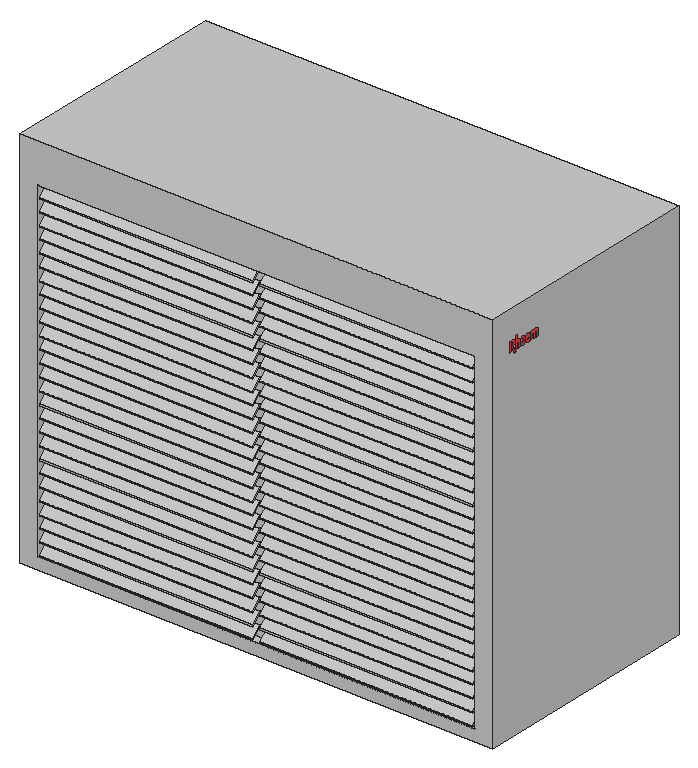
Revit family "DC_Rheem_PLM_HeatPump_953022_Vertical_12", category Plumbing Fixtures, Revit 2011
Parameters (values of type "Commercial Heat Pump - Non Ducted")
  Unitheight_ANZRS = 935 mm
  UnitWidth_ANZRS = 565 mm
  UnitDepth_ANZRS [instance] = 1150 mm
  URL = "http://www.rheem.com.au/commercial_product.asp?ProdID=96&cat_id=2\r\n"
  Type Comments = "Output 16 KW @ 20oC/60% RH Recovery 300 L/h  @ 45°C  rise\r\n"
  Materials_ANZRS = Rheem - Joey Grey Steel
  OutletPipeDiameter_ANZRS = OutPipeRadius_ANZRS * 2  # 32 mm
  OutPipeRadius_ANZRS = 16 mm
  Model = "953022"
  Manufacturer = "Rheem\r\n"
  InletPipeDiameter_ANZRS = InPipeRadius_ANZRS * 2  # 32 mm
  InPipeRadius_ANZRS = 16 mm
  DesignBy_ANZRS = "Design Content ©\r\n"
  Description = "Commercial Heat Pump - Non Ducted"
  CondensateDrainPipeDiameter_ANZRS = CDPipeRadius_ANZRS * 2  # 20 mm
  CDPipeRadius_ANZRS = 10 mm
  Author_ANZRS = "DM"
  Assembly Code = ""
Reference planes
  plane 1 "Center (Front/Back)": y = 0
  plane 2: z = 0
  plane 3 "Center (Left/Right)": x = 0
  plane 4 "W1": y = 282.5
  plane 5 "W2": y = -282.5
  plane 6 "W4": x = -575
  plane 7 "W3": x = 575
  plane 8 "CENTER 1": x = -320
  plane 9 "CENTER 2": x = 180
  plane 10: z = 25
  plane 11 "HEIGHT": z = 960
  plane 12 "W11": y = 212.65
  plane 13 "W13": y = 147.65
  plane 14 "W15": y = -212.65
  plane 15 "W14": y = -147.65
  plane 16 "CD1": z = 225
  plane 17 "CD2": z = 555
  plane 18 "CENTER 3": y = -167.65
  plane 19 "w5": x = -545
  plane 20 "W7": x = 545
  plane 21 "H1": z = 53.419
  plane 22 "CENTER 5": y = 180.15
  plane 23 "CENTER 4": y = -180.15
  plane 24: y = -260.438
  plane 25 "W6": x = -527.091
  plane 26 "W9": x = 527.091
  plane 27 "W8": x = 532.091
  plane 28: x = -625
  plane 29: y = 174.5
Forms (mm)
  Extrusion 1, solid, material "Rheem - Joey Grey Steel" <- "Materials_ANZRS"
    sketch origin (0, 0, 0) x (1, 0, 0) y (0, 1, 0)
      loop
        line (-575, 282.5) -> (-575, -260.438) -> (575, -260.438) -> (575, 282.5) -> (-575, 282.5)
    from 25 to 960
  Extrusion 2, solid, material "Rheem - Joey Grey Steel" <- "Materials_ANZRS"
    sketch origin (0, 0, 0) x (0, 1, 0) y (0, 0, 1)
      loop
        circle (-167.65, 555) r 16
      loop
        circle (-167.65, 225) r 16
    from -575 to -625
  Extrusion 3, solid, material "Rheem - Joey Grey Steel" <- "Materials_ANZRS"
    sketch origin (0, 0, 0) x (0, 1, 0) y (0, 0, 1)
      loop
        line (212.65, 0) -> (212.65, 25) -> (147.65, 25) -> (147.65, 0) -> (212.65, 0)
      loop
        line (-147.65, 0) -> (-147.65, 25) -> (-212.65, 25) -> (-212.65, 0) -> (-147.65, 0)
    from -545 to 545
  Extrusion 4, solid, material "Rheem - Joey Grey Steel" <- "Materials_ANZRS"
    sketch origin (0, 0, 0) x (0, 1, 0) y (0, 0, 1)
      loop
        circle (180.15, 53.419) r 10
      loop
        circle (-180.15, 53.419) r 10
    from -575 to -625
  Extrusion 5, solid, material "Rheem - Joey Grey Steel" <- "Materials_ANZRS"
    sketch origin (0, 0, 0) x (0, 1, 0) y (0, 0, 1)
      loop
        line (-260.438, 860.039) -> (-282.5, 837.978) -> (-282.5, 835.579) -> (-260.438, 857.64) -> (-260.438, 860.039)
      loop
        line (-260.438, 830.039) -> (-282.5, 807.978) -> (-282.5, 805.579) -> (-260.438, 827.64) -> (-260.438, 830.039)
      loop
        line (-260.438, 800.039) -> (-282.5, 777.978) -> (-282.5, 775.579) -> (-260.438, 797.64) -> (-260.438, 800.039)
      loop
        line (-260.438, 770.039) -> (-282.5, 747.978) -> (-282.5, 745.579) -> (-260.438, 767.64) -> (-260.438, 770.039)
      loop
        line (-260.438, 740.039) -> (-282.5, 717.978) -> (-282.5, 715.579) -> (-260.438, 737.64) -> (-260.438, 740.039)
      loop
        line (-260.438, 710.039) -> (-282.5, 687.978) -> (-282.5, 685.579) -> (-260.438, 707.64) -> (-260.438, 710.039)
      loop
        line (-260.438, 680.039) -> (-282.5, 657.978) -> (-282.5, 655.579) -> (-260.438, 677.64) -> (-260.438, 680.039)
      loop
        line (-260.438, 650.039) -> (-282.5, 627.978) -> (-282.5, 625.579) -> (-260.438, 647.64) -> (-260.438, 650.039)
      loop
        line (-260.438, 620.039) -> (-282.5, 597.978) -> (-282.5, 595.579) -> (-260.438, 617.64) -> (-260.438, 620.039)
      loop
        line (-260.438, 590.039) -> (-282.5, 567.978) -> (-282.5, 565.579) -> (-260.438, 587.64) -> (-260.438, 590.039)
      loop
        line (-260.438, 560.039) -> (-282.5, 537.978) -> (-282.5, 535.579) -> (-260.438, 557.64) -> (-260.438, 560.039)
      loop
        line (-260.438, 530.039) -> (-282.5, 507.978) -> (-282.5, 505.579) -> (-260.438, 527.64) -> (-260.438, 530.039)
      loop
        line (-260.438, 500.039) -> (-282.5, 477.978) -> (-282.5, 475.579) -> (-260.438, 497.64) -> (-260.438, 500.039)
      loop
        line (-260.438, 470.039) -> (-282.5, 447.978) -> (-282.5, 445.579) -> (-260.438, 467.64) -> (-260.438, 470.039)
      loop
        line (-260.438, 440.039) -> (-282.5, 417.978) -> (-282.5, 415.579) -> (-260.438, 437.64) -> (-260.438, 440.039)
      loop
        line (-260.438, 410.039) -> (-282.5, 387.978) -> (-282.5, 385.579) -> (-260.438, 407.64) -> (-260.438, 410.039)
      loop
        line (-260.438, 380.039) -> (-282.5, 357.978) -> (-282.5, 355.579) -> (-260.438, 377.64) -> (-260.438, 380.039)
      loop
        line (-260.438, 350.039) -> (-282.5, 327.978) -> (-282.5, 325.579) -> (-260.438, 347.64) -> (-260.438, 350.039)
      loop
        line (-260.438, 320.039) -> (-282.5, 297.978) -> (-282.5, 295.579) -> (-260.438, 317.64) -> (-260.438, 320.039)
      loop
        line (-260.438, 290.039) -> (-282.5, 267.978) -> (-282.5, 265.579) -> (-260.438, 287.64) -> (-260.438, 290.039)
      loop
        line (-260.438, 260.039) -> (-282.5, 237.978) -> (-282.5, 235.579) -> (-260.438, 257.64) -> (-260.438, 260.039)
      loop
        line (-260.438, 230.039) -> (-282.5, 207.978) -> (-282.5, 205.579) -> (-260.438, 227.64) -> (-260.438, 230.039)
      loop
        line (-260.438, 200.039) -> (-282.5, 177.978) -> (-282.5, 175.579) -> (-260.438, 197.64) -> (-260.438, 200.039)
      loop
        line (-260.438, 170.039) -> (-282.5, 147.978) -> (-282.5, 145.579) -> (-260.438, 167.64) -> (-260.438, 170.039)
      loop
        line (-260.438, 140.039) -> (-282.5, 117.978) -> (-282.5, 115.579) -> (-260.438, 137.64) -> (-260.438, 140.039)
      loop
        line (-260.438, 110.039) -> (-282.5, 87.978) -> (-282.5, 85.579) -> (-260.438, 107.64) -> (-260.438, 110.039)
      loop
        line (-260.438, 80.039) -> (-282.5, 57.978) -> (-282.5, 55.579) -> (-260.438, 77.64) -> (-260.438, 80.039)
    from -527.091 to -9.296
  Extrusion 6, solid, material "Rheem - Joey Grey Steel" <- "Materials_ANZRS"
    sketch origin (0, 0, 0) x (1, 0, 0) y (0, 0, 1)
      loop
        line (-575, 960) -> (-575, 25) -> (-14.281, 25) -> (575, 25) -> (575, 960) -> (-575, 960)
      loop
        line (-532.091, 53.419) -> (532.091, 53.419) -> (532.091, 865.039) -> (-532.091, 865.039) -> (-532.091, 53.419)
    from 260.438 to 282.5
  Extrusion 7, solid, material "Rheem - Joey Grey Steel" <- "Materials_ANZRS"
    sketch origin (0, 0, 0) x (0, 1, 0) y (0, 0, -1)
      loop
        line (-260.438, -860.039) -> (-260.438, -857.64) -> (-282.5, -835.579) -> (-282.5, -837.978) -> (-260.438, -860.039)
      loop
        line (-260.438, -830.039) -> (-260.438, -827.64) -> (-282.5, -805.579) -> (-282.5, -807.978) -> (-260.438, -830.039)
      loop
        line (-260.438, -800.039) -> (-260.438, -797.64) -> (-282.5, -775.579) -> (-282.5, -777.978) -> (-260.438, -800.039)
      loop
        line (-260.438, -770.039) -> (-260.438, -767.64) -> (-282.5, -745.579) -> (-282.5, -747.978) -> (-260.438, -770.039)
      loop
        line (-260.438, -740.039) -> (-260.438, -737.64) -> (-282.5, -715.579) -> (-282.5, -717.978) -> (-260.438, -740.039)
      loop
        line (-260.438, -710.039) -> (-260.438, -707.64) -> (-282.5, -685.579) -> (-282.5, -687.978) -> (-260.438, -710.039)
      loop
        line (-260.438, -680.039) -> (-260.438, -677.64) -> (-282.5, -655.579) -> (-282.5, -657.978) -> (-260.438, -680.039)
      loop
        line (-260.438, -650.039) -> (-260.438, -647.64) -> (-282.5, -625.579) -> (-282.5, -627.978) -> (-260.438, -650.039)
      loop
        line (-260.438, -620.039) -> (-260.438, -617.64) -> (-282.5, -595.579) -> (-282.5, -597.978) -> (-260.438, -620.039)
      loop
        line (-260.438, -590.039) -> (-260.438, -587.64) -> (-282.5, -565.579) -> (-282.5, -567.978) -> (-260.438, -590.039)
      loop
        line (-260.438, -560.039) -> (-260.438, -557.64) -> (-282.5, -535.579) -> (-282.5, -537.978) -> (-260.438, -560.039)
      loop
        line (-260.438, -530.039) -> (-260.438, -527.64) -> (-282.5, -505.579) -> (-282.5, -507.978) -> (-260.438, -530.039)
      loop
        line (-260.438, -500.039) -> (-260.438, -497.64) -> (-282.5, -475.579) -> (-282.5, -477.978) -> (-260.438, -500.039)
      loop
        line (-260.438, -470.039) -> (-260.438, -467.64) -> (-282.5, -445.579) -> (-282.5, -447.978) -> (-260.438, -470.039)
      loop
        line (-260.438, -440.039) -> (-260.438, -437.64) -> (-282.5, -415.579) -> (-282.5, -417.978) -> (-260.438, -440.039)
      loop
        line (-260.438, -410.039) -> (-260.438, -407.64) -> (-282.5, -385.579) -> (-282.5, -387.978) -> (-260.438, -410.039)
      loop
        line (-260.438, -380.039) -> (-260.438, -377.64) -> (-282.5, -355.579) -> (-282.5, -357.978) -> (-260.438, -380.039)
      loop
        line (-260.438, -350.039) -> (-260.438, -347.64) -> (-282.5, -325.579) -> (-282.5, -327.978) -> (-260.438, -350.039)
      loop
        line (-260.438, -320.039) -> (-260.438, -317.64) -> (-282.5, -295.579) -> (-282.5, -297.978) -> (-260.438, -320.039)
      loop
        line (-260.438, -290.039) -> (-260.438, -287.64) -> (-282.5, -265.579) -> (-282.5, -267.978) -> (-260.438, -290.039)
      loop
        line (-260.438, -260.039) -> (-260.438, -257.64) -> (-282.5, -235.579) -> (-282.5, -237.978) -> (-260.438, -260.039)
      loop
        line (-260.438, -230.039) -> (-260.438, -227.64) -> (-282.5, -205.579) -> (-282.5, -207.978) -> (-260.438, -230.039)
      loop
        line (-260.438, -200.039) -> (-260.438, -197.64) -> (-282.5, -175.579) -> (-282.5, -177.978) -> (-260.438, -200.039)
      loop
        line (-260.438, -170.039) -> (-260.438, -167.64) -> (-282.5, -145.579) -> (-282.5, -147.978) -> (-260.438, -170.039)
      loop
        line (-260.438, -140.039) -> (-260.438, -137.64) -> (-282.5, -115.579) -> (-282.5, -117.978) -> (-260.438, -140.039)
      loop
        line (-260.438, -110.039) -> (-260.438, -107.64) -> (-282.5, -85.579) -> (-282.5, -87.978) -> (-260.438, -110.039)
      loop
        line (-260.438, -80.039) -> (-260.438, -77.64) -> (-282.5, -55.579) -> (-282.5, -57.978) -> (-260.438, -80.039)
    from -527.091 to -9.296
  Extrusion 8, solid, material "Rheem - Joey Grey Steel" <- "Materials_ANZRS"
    sketch origin (575, 0, 960) x (0, 0, -1) y (0, 1, 0)
      loop
        circle (286.023, 174.5) r 0.5
    from 0 to -1
  Extrusion 9, solid, material "Rheem - Joey Grey Steel" <- "Materials_ANZRS"
    sketch origin (575, 0, 960) x (0, 0, -1) y (0, 1, 0)
      loop
        circle (336.023, 174.5) r 0.5
    from 0 to -1
  Extrusion 10, solid, material "Rheem - Joey Grey Steel" <- "Materials_ANZRS"
    sketch origin (575, 0, 960) x (0, 0, -1) y (0, 1, 0)
      loop
        circle (311.023, 174.5) r 0.5
    from 0 to -1
  Extrusion 11, solid, material "Rheem - Joey Grey Steel" <- "Materials_ANZRS"
    sketch origin (575, 0, 960) x (0, 0, -1) y (0, 1, 0)
      loop
        circle (361.023, 174.5) r 0.5
    from 0 to -1
Cuts and joins
  joined: Extrusion 1, Extrusion 6
Lines and regions (mm)
  Masking region 1
    outline origin (0, 0, 0) x (1, 0, 0) y (0, 1, 0)
      loop
        line (575, 282.5) -> (-575, 282.5) -> (-575, -282.5) -> (575, -282.5) -> (575, 282.5)
  Masking region 2
    outline origin (0, 0, 0) x (1, 0, 0) y (0, 0, 1)
      loop
        line (-575, 960) -> (-575, 25) -> (-545, 25) -> (-545, 0) -> (545, 0) -> (545, 25) -> (575, 25) -> (575, 960) -> (-575, 960)
  Masking region 3
    outline origin (0, 0, 0) x (0, 1, 0) y (0, 0, 1)
      loop
        line (282.5, 25) -> (282.5, 960) -> (-282.5, 960) -> (-282.5, 25) -> (-212.65, 25) -> (-212.65, 0) -> (-147.65, 0) -> (-147.65, 25) -> (147.65, 25) -> (147.65, 0) -> (212.65, 0) -> (212.65, 25) -> (282.5, 25)
  Masking region 4
    outline origin (0, 0, 0) x (1, 0, 0) y (0, 1, 0)
      loop
        line (-575, 282.5) -> (-575, -282.5) -> (575, -282.5) -> (575, 282.5) -> (-575, 282.5)
  symbolic lines, style "Rheem - Heat Pump", detail levels fine
    curve 1: line (575, 282.5, 0) -> (-575, 282.5, 0)
    curve 2: line (-575, 282.5, 0) -> (-575, -282.5, 0)
    curve 3: line (-575, -282.5, 0) -> (575, -282.5, 0)
    curve 4: line (575, -282.5, 0) -> (575, 282.5, 0)
    curve 5: line (-625, 190.15, 0) -> (-625, 170.15, 0)
    curve 6: line (-625, 170.15, 0) -> (-575, 170.15, 0)
    curve 7: line (-625, 190.15, 0) -> (-575, 190.15, 0)
    curve 8: line (-625, -147.65, 0) -> (-625, -180.15, 0)
    curve 9: line (-625, -180.15, 0) -> (-575, -180.15, 0)
    curve 10: line (-625, -147.65, 0) -> (-575, -147.65, 0)
    curve 11: line (-575, 0, 960) -> (-575, 0, 25)
    curve 12: line (575, 0, 960) -> (-575, 0, 960)
    curve 13: line (575, 0, 25) -> (575, 0, 960)
    curve 14: line (-575, 0, 25) -> (575, 0, 25)
    curve 15: line (-545, 0, 0) -> (545, 0, 0)
    curve 16: line (545, 0, 0) -> (545, 0, 25)
    curve 17: line (-545, 0, 25) -> (-545, 0, 0)
    curve 18: line (-625, 0, 63.419) -> (-625, 0, 43.419)
    curve 19: line (-625, 0, 571) -> (-625, 0, 538.877)
    curve 20: line (-625, 0, 241) -> (-625, 0, 209)
    curve 21: line (-625, 0, 571) -> (-575, 0, 571)
    curve 22: line (-625, 0, 538.877) -> (-575, 0, 538.877)
    curve 23: line (-625, 0, 241) -> (-575, 0, 241)
    curve 24: line (-625, 0, 209) -> (-575, 0, 209)
    curve 25: line (-625, 0, 63.419) -> (-575, 0, 63.419)
    curve 26: line (-625, 0, 43.419) -> (-575, 0, 43.419)
    curve 27: arc (-489.599, 0, 893.205) -> (-435.138, 0, 904.464) -> (-379.529, 0, 905.147) r 290.723
    curve 28: arc (-380.05, 0, 943.047) -> (-461.829, 0, 954.388) -> (-543, 0, 939.299) r 257.845
    curve 29: line (-543, 0, 939.299) -> (-543, 0, 904.574)
    curve 30: arc (-543, 0, 904.574) -> (-517.109, 0, 895.087) -> (-489.599, 0, 893.205) r 97.782
    curve 31: line (-145.8, 0, 892.977) -> (-97, 0, 904.574)
    curve 32: line (-97, 0, 904.574) -> (-97, 0, 939.299)
    curve 33: line (-97, 0, 939.299) -> (-145.8, 0, 951.595)
    curve 34: arc (-150.401, 0, 893.205) -> (-204.603, 0, 904.436) -> (-259.95, 0, 905.19) r 290.723
    curve 35: arc (-259.95, 0, 943.047) -> (-178.171, 0, 954.388) -> (-97, 0, 939.299) r 257.845
    curve 36: arc (10.401, 0, 893.205) -> (64.603, 0, 904.436) -> (119.95, 0, 905.19) r 290.723
    curve 37: arc (119.95, 0, 943.047) -> (38.171, 0, 954.388) -> (-43, 0, 939.299) r 257.845
    curve 38: line (-43, 0, 939.299) -> (-43, 0, 904.574)
    curve 39: arc (-43, 0, 904.574) -> (-17.109, 0, 895.087) -> (10.401, 0, 893.205) r 97.782
    curve 40: line (354.2, 0, 892.977) -> (403, 0, 904.574)
    curve 41: line (403, 0, 904.574) -> (403, 0, 939.299)
    curve 42: line (403, 0, 939.299) -> (354.2, 0, 951.595)
    curve 43: arc (349.599, 0, 893.205) -> (295.397, 0, 904.436) -> (240.05, 0, 905.19) r 290.723
    curve 44: arc (240.05, 0, 943.047) -> (321.829, 0, 954.388) -> (403, 0, 939.299) r 257.845
    curve 45: line (-371.22, 0, 954.299) -> (-268.78, 0, 954.299)
    curve 46: line (-259.95, 0, 945.469) -> (-380.05, 0, 945.469)
    curve 47: line (-259.95, 0, 899.299) -> (-380.05, 0, 899.299)
    curve 48: line (-371.22, 0, 890.469) -> (-268.78, 0, 890.469)
    curve 49: line (128.78, 0, 954.299) -> (231.22, 0, 954.299)
    curve 50: line (240.05, 0, 945.469) -> (119.95, 0, 945.469)
    curve 51: line (240.05, 0, 899.299) -> (119.95, 0, 899.299)
    curve 52: line (128.78, 0, 890.469) -> (231.22, 0, 890.469)
    curve 53: line (119.95, 0, 945.469) -> (128.78, 0, 954.299)
    curve 54: line (119.95, 0, 899.299) -> (128.78, 0, 890.469)
    curve 55: line (231.22, 0, 890.469) -> (240.05, 0, 899.299)
    curve 56: line (240.05, 0, 945.469) -> (231.22, 0, 954.299)
    curve 57: line (-380.05, 0, 945.469) -> (-371.22, 0, 954.299)
    curve 58: line (-268.78, 0, 954.299) -> (-259.95, 0, 945.469)
    curve 59: line (-259.95, 0, 899.299) -> (-268.78, 0, 890.469)
    curve 60: line (-371.22, 0, 890.469) -> (-380.05, 0, 899.299)
    curve 61: line (-380.05, 0, 899.299) -> (-380.05, 0, 945.469)
    curve 62: line (-259.95, 0, 945.469) -> (-259.95, 0, 899.299)
    curve 63: line (119.95, 0, 945.469) -> (119.95, 0, 899.299)
    curve 64: line (240.05, 0, 945.469) -> (240.05, 0, 899.299)
    curve 65: line (0, 282.5, 25) -> (0, 282.5, 960)
    curve 66: line (0, 282.5, 960) -> (0, -282.5, 960)
    curve 67: line (0, -282.5, 960) -> (0, -282.5, 25)
    curve 68: line (0, -282.5, 25) -> (0, 282.5, 25)
    curve 69: line (0, 212.65, 0) -> (0, 212.65, 25)
    curve 70: line (0, 147.65, 0) -> (0, 212.65, 0)
    curve 71: line (0, 147.65, 25) -> (0, 147.65, 0)
    curve 72: line (0, -147.65, 0) -> (0, -147.65, 25)
    curve 73: line (0, -212.65, 0) -> (0, -147.65, 0)
    curve 74: line (0, -212.65, 25) -> (0, -212.65, 0)
    curve 75: arc (0, -170.15, 53.419) -> (0, -180.15, 43.419) -> (0, -190.15, 53.419) r 10
    curve 76: arc (0, -190.15, 53.419) -> (0, -180.15, 63.419) -> (0, -170.15, 53.419) r 10
    curve 77: arc (0, 190.15, 53.419) -> (0, 180.15, 43.419) -> (0, 170.15, 53.419) r 10
    curve 78: arc (0, 170.15, 53.419) -> (0, 180.15, 63.419) -> (0, 190.15, 53.419) r 10
    curve 79: arc (0, -151.65, 225) -> (0, -167.65, 209) -> (0, -183.65, 225) r 16
    curve 80: arc (0, -183.65, 225) -> (0, -167.65, 241) -> (0, -151.65, 225) r 16
    curve 81: arc (0, -151.65, 555) -> (0, -167.65, 539) -> (0, -183.65, 555) r 16
    curve 82: arc (0, -183.65, 555) -> (0, -167.65, 571) -> (0, -151.65, 555) r 16
    curve 83: arc (0, 129.599, 892.736) -> (0, 75.361, 903.971) -> (0, 19.976, 904.715) r 290.723
    curve 84: line (0, 8.8, 903.579) -> (0, 8.8, 938.83)
    curve 85: arc (0, 19.976, 942.556) -> (0, 101.79, 953.92) -> (0, 183, 938.83) r 257.845
    curve 86: line (0, 183, 938.83) -> (0, 183, 904.105)
    curve 87: arc (0, 183, 904.105) -> (0, 157.109, 894.618) -> (0, 129.599, 892.736) r 97.782
    curve 88: line (0, -209.599, 892.736) -> (0, -263, 904.105)
    curve 89: line (0, -263, 904.105) -> (0, -263, 938.83)
    curve 90: arc (0, -209.599, 892.736) -> (0, -155.493, 903.957) -> (0, -100.241, 904.737) r 290.723
    curve 91: arc (0, -100.241, 942.637) -> (0, -181.929, 953.917) -> (0, -263, 938.83) r 257.845
    curve 92: line (0, -91.401, 953.83) -> (0, 11.22, 953.83)
    curve 93: line (0, -91.392, 890) -> (0, 11.22, 890)
    curve 94: line (0, 11.22, 890) -> (0, 19.976, 898.757)
    curve 95: line (0, 20.069, 898.849) -> (0, -100.241, 898.849)
    curve 96: line (0, -91.392, 890) -> (0, -100.241, 898.849)
    curve 97: line (0, -100.241, 898.849) -> (0, -100.241, 944.991)
    curve 98: line (0, -100.241, 944.991) -> (0, -91.401, 953.83)
    curve 99: line (0, 11.22, 953.83) -> (0, 19.976, 945.074)
    curve 100: line (0, 19.976, 945.074) -> (0, 19.976, 898.757)
    curve 101: line (0, -100.241, 944.991) -> (0, 19.976, 944.991)
  model lines, style "Rheem - Heat Pump", detail levels medium+fine
    curve 102: circle (-306, 10, 960) r 244 normal (0, 0, 1)
    curve 103: line (-354.8, -45.701, 960) -> (-354.8, -164.2, 960)
    curve 104: arc (-354.8, -164.2, 960) -> (-340.507, -198.707, 960) -> (-306, -213, 960) r 48.8
    curve 105: line (-306, -213, 960) -> (-257.2, -213, 960)
    curve 106: line (-257.2, -213, 960) -> (-257.2, -45.701, 960)
    curve 107: line (-361.701, -38.8, 960) -> (-529, -38.8, 960)
    curve 108: line (-529, -38.8, 960) -> (-529, 10, 960)
    curve 109: arc (-529, 10, 960) -> (-514.707, 44.507, 960) -> (-480.2, 58.8, 960) r 48.8
    curve 110: line (-480.2, 58.8, 960) -> (-361.701, 58.8, 960)
    curve 111: line (-354.8, 65.701, 960) -> (-354.8, 233, 960)
    curve 112: line (-354.8, 233, 960) -> (-306, 233, 960)
    curve 113: arc (-306, 233, 960) -> (-271.493, 218.707, 960) -> (-257.2, 184.2, 960) r 48.8
    curve 114: line (-257.2, 184.2, 960) -> (-257.2, 65.701, 960)
    curve 115: line (-250.299, -38.8, 960) -> (-131.8, -38.8, 960)
    curve 116: arc (-131.8, -38.8, 960) -> (-97.293, -24.507, 960) -> (-83, 10, 960) r 48.8
    curve 117: line (-83, 10, 960) -> (-83, 58.8, 960)
    curve 118: line (-83, 58.8, 960) -> (-250.299, 58.8, 960)
    curve 119: circle (-306, 10, 960) r 206 normal (0, 0, 1)
    curve 120: circle (-306, 10, 960) r 168 normal (0, 0, 1)
    curve 121: circle (-306, 10, 960) r 130 normal (0, 0, 1)
    curve 122: circle (-306, 10, 960) r 92 normal (0, 0, 1)
    curve 123: circle (-306, 10, 960) r 54 normal (0, 0, 1)
    curve 124: circle (-490.286, 194.286, 960) r 4.88 normal (0, 0, 1)
    curve 125: circle (-121.714, 194.286, 960) r 4.88 normal (0, 0, 1)
    curve 126: line (-264.522, 44.577, 960) -> (-118.263, 190.835, 960)
    curve 127: line (-271.423, 51.478, 960) -> (-125.165, 197.737, 960)
    curve 128: line (-340.577, 51.478, 960) -> (-486.835, 197.737, 960)
    curve 129: line (-347.478, 44.577, 960) -> (-493.737, 190.835, 960)
    curve 130: line (-340.577, -31.478, 960) -> (-486.835, -177.737, 960)
    curve 131: line (-347.478, -24.577, 960) -> (-493.737, -170.835, 960)
    curve 132: circle (-490.286, -174.286, 960) r 4.88 normal (0, 0, 1)
    curve 133: line (-271.423, -31.478, 960) -> (-125.165, -177.737, 960)
    curve 134: line (-264.522, -24.577, 960) -> (-118.263, -170.835, 960)
    curve 135: circle (-121.714, -174.286, 960) r 4.88 normal (0, 0, 1)
    curve 136: circle (194, 10, 960) r 244 normal (0, 0, 1)
    curve 137: line (145.2, -45.701, 960) -> (145.2, -164.2, 960)
    curve 138: arc (145.2, -164.2, 960) -> (159.493, -198.707, 960) -> (194, -213, 960) r 48.8
    curve 139: line (194, -213, 960) -> (242.8, -213, 960)
    curve 140: line (242.8, -213, 960) -> (242.8, -45.701, 960)
    curve 141: line (138.299, -38.8, 960) -> (-29, -38.8, 960)
    curve 142: line (-29, -38.8, 960) -> (-29, 10, 960)
    curve 143: arc (-29, 10, 960) -> (-14.707, 44.507, 960) -> (19.8, 58.8, 960) r 48.8
    curve 144: line (19.8, 58.8, 960) -> (138.299, 58.8, 960)
    curve 145: line (145.2, 65.701, 960) -> (145.2, 233, 960)
    curve 146: line (145.2, 233, 960) -> (194, 233, 960)
    curve 147: arc (194, 233, 960) -> (228.507, 218.707, 960) -> (242.8, 184.2, 960) r 48.8
    curve 148: line (242.8, 184.2, 960) -> (242.8, 65.701, 960)
    curve 149: line (249.701, -38.8, 960) -> (368.2, -38.8, 960)
    curve 150: arc (368.2, -38.8, 960) -> (402.707, -24.507, 960) -> (417, 10, 960) r 48.8
    curve 151: line (417, 10, 960) -> (417, 58.8, 960)
    curve 152: line (417, 58.8, 960) -> (249.701, 58.8, 960)
    curve 153: circle (194, 10, 960) r 206 normal (0, 0, 1)
    curve 154: circle (194, 10, 960) r 168 normal (0, 0, 1)
    curve 155: circle (194, 10, 960) r 130 normal (0, 0, 1)
    curve 156: circle (194, 10, 960) r 92 normal (0, 0, 1)
    curve 157: circle (194, 10, 960) r 54 normal (0, 0, 1)
    curve 158: circle (9.714, 194.286, 960) r 4.88 normal (0, 0, 1)
    curve 159: circle (378.286, 194.286, 960) r 4.88 normal (0, 0, 1)
    curve 160: line (235.478, 44.577, 960) -> (381.737, 190.835, 960)
    curve 161: line (228.577, 51.478, 960) -> (374.835, 197.737, 960)
    curve 162: line (159.423, 51.478, 960) -> (13.165, 197.737, 960)
    curve 163: line (152.522, 44.577, 960) -> (6.263, 190.835, 960)
    curve 164: line (159.423, -31.478, 960) -> (13.165, -177.737, 960)
    curve 165: line (152.522, -24.577, 960) -> (6.263, -170.835, 960)
    curve 166: circle (9.714, -174.286, 960) r 4.88 normal (0, 0, 1)
    curve 167: line (228.577, -31.478, 960) -> (374.835, -177.737, 960)
    curve 168: line (235.478, -24.577, 960) -> (381.737, -170.835, 960)
    curve 169: circle (378.286, -174.286, 960) r 4.88 normal (0, 0, 1)
Dimensions and locks
  equal spacing: plane 6 "W4", plane 3 "Center (Left/Right)", plane 7 "W3"
  equal spacing: plane 4 "W1", plane 1 "Center (Front/Back)", plane 5 "W2"
  "UnitWidth_ANZRS": plane 4 "W1" to plane 5 "W2"
  "UnitDepth_ANZRS": plane 6 "W4" to plane 7 "W3"
  plane 6 "W4" to plane 8 "CENTER 1" = 255 mm
  plane 9 "CENTER 2" to plane 7 "W3" = 395 mm
  plane 8 "CENTER 1" to plane 9 "CENTER 2" = 500 mm
  "Unitheight_ANZRS": plane 11 "HEIGHT" to plane 10
  plane 10 to level = 25 mm
  plane 12 "W11" to plane 13 "W13" = 65 mm
  plane 15 "W14" to plane 14 "W15" = 65 mm
  plane 16 "CD1" to plane 10 = 200 mm
  plane 17 "CD2" to plane 10 = 530 mm
  locked: plane 19 "w5" to plane 6 "W4" at 30
  locked: plane 7 "W3" to plane 20 "W7" at 30
  plane 28 to plane 19 "w5" = 80 mm
  plane 21 "H1" to level = 53.419 mm
  plane 11 "HEIGHT" to level = 960 mm
  "OutPipeRadius_ANZRS": radius of Extrusion 2 sketch curve
  "InPipeRadius_ANZRS": radius of Extrusion 2 sketch curve
  "CDPipeRadius_ANZRS": radius of Extrusion 4 sketch curve  (x2)
  aligned and locked: level to plane 2
  aligned and locked: Extrusion 1 sketch curve to plane 4 "W1"
  aligned and locked: Extrusion 1 sketch curve to plane 6 "W4"
  aligned and locked: Extrusion 1 sketch curve to plane 7 "W3"
  aligned and locked: plane 11 "HEIGHT" to Extrusion 1
  aligned and locked: Extrusion 1 to plane 10
  aligned and locked: plane 17 "CD2" to Extrusion 2 sketch curve
  aligned and locked: plane 18 "CENTER 3" to Extrusion 2 sketch curve  (x2)
  aligned and locked: plane 16 "CD1" to Extrusion 2 sketch curve
  aligned: Extrusion 2 to plane 7 "W3"
  aligned and locked: level to Extrusion 3 sketch curve  (x2)
  aligned and locked: plane 12 "W11" to Extrusion 3 sketch curve
  aligned and locked: Extrusion 3 sketch curve to plane 10  (x2)
  aligned and locked: Extrusion 3 sketch curve to plane 13 "W13"
  aligned and locked: Extrusion 3 sketch curve to plane 15 "W14"
  aligned and locked: plane 14 "W15" to Extrusion 3 sketch curve
  aligned and locked: Extrusion 3 to plane 19 "w5"
  aligned and locked: Extrusion 3 to plane 20 "W7"
  aligned and locked: plane 22 "CENTER 5" to Extrusion 4 sketch curve
  aligned and locked: plane 21 "H1" to Extrusion 4 sketch curve  (x2)
  aligned and locked: plane 23 "CENTER 4" to Extrusion 4 sketch curve
  aligned and locked: Extrusion 4 to Extrusion 2
  aligned: Extrusion 4 to plane 7 "W3"
  aligned and locked: plane 5 "W2" to Extrusion 6
  aligned and locked: plane 26 "W9" to Extrusion 7
  aligned and locked: Extrusion 6 to plane 27 "W8"
  aligned and locked: Extrusion 6 sketch curve to plane 21 "H1"
  aligned and locked: Extrusion 2 to plane 6 "W4"
  aligned and locked: plane 28 to Extrusion 2
  aligned and locked: Extrusion 4 to plane 6 "W4"
  aligned and locked: plane 28 to Extrusion 4
  aligned and locked: curve 1 to cut or joined group of Extrusion 1, Extrusion 6
  aligned and locked: curve 2 to cut or joined group of Extrusion 1, Extrusion 6
  aligned and locked: curve 3 to cut or joined group of Extrusion 1, Extrusion 6
  aligned and locked: curve 4 to cut or joined group of Extrusion 1, Extrusion 6
  aligned and locked: curve 11 to cut or joined group of Extrusion 1, Extrusion 6
  aligned and locked: curve 12 to cut or joined group of Extrusion 1, Extrusion 6
  aligned and locked: curve 13 to cut or joined group of Extrusion 1, Extrusion 6
  aligned and locked: curve 14 to cut or joined group of Extrusion 1, Extrusion 6
  aligned and locked: curve 18 to Extrusion 4
  aligned and locked: curve 19 to Extrusion 2
  aligned and locked: Masking region 1 sketch curve to curve 1
  aligned and locked: Masking region 1 sketch curve to curve 4
  aligned and locked: Masking region 1 sketch curve to curve 3
  aligned and locked: Masking region 1 sketch curve to curve 2
  aligned and locked: Masking region 2 sketch curve to curve 12
  aligned and locked: Masking region 2 sketch curve to curve 11
  aligned and locked: Masking region 2 sketch curve to curve 14
  aligned and locked: Masking region 2 sketch curve to curve 13
  aligned and locked: Masking region 2 sketch curve to curve 15
  aligned and locked: Masking region 2 sketch curve to curve 17
  aligned and locked: Masking region 2 sketch curve to curve 16
  aligned and locked: curve 65 to cut or joined group of Extrusion 1, Extrusion 6
  aligned and locked: curve 66 to cut or joined group of Extrusion 1, Extrusion 6
  aligned and locked: curve 67 to cut or joined group of Extrusion 1, Extrusion 6
  aligned and locked: curve 68 to cut or joined group of Extrusion 1, Extrusion 6
  aligned and locked: curve 75 to Extrusion 4
  aligned and locked: curve 76 to Extrusion 4
  aligned and locked: curve 77 to Extrusion 4
  aligned and locked: curve 78 to Extrusion 4
  aligned and locked: curve 79 to Extrusion 2
  aligned and locked: curve 80 to Extrusion 2
  aligned and locked: curve 81 to Extrusion 2
  aligned and locked: curve 82 to Extrusion 2
  aligned and locked: Masking region 3 sketch curve to curve 65
  aligned and locked: Masking region 3 sketch curve to curve 66
  aligned and locked: Masking region 3 sketch curve to curve 67
  aligned and locked: Masking region 3 sketch curve to curve 70
  aligned and locked: Masking region 3 sketch curve to curve 69
  aligned and locked: Masking region 3 sketch curve to curve 71
  aligned and locked: Masking region 3 sketch curve to curve 72
  aligned and locked: Masking region 3 sketch curve to curve 73
  aligned and locked: Masking region 3 sketch curve to curve 74
  aligned and locked: Masking region 3 sketch curve to curve 68
  aligned and locked: Masking region 4 sketch curve to curve 1
  aligned and locked: Masking region 4 sketch curve to curve 2
  aligned and locked: Masking region 4 sketch curve to curve 3
  aligned and locked: Masking region 4 sketch curve to curve 4
Automatic sketch dimensions
  Extrusion 1 sketch curve to plane 24 = 0 mm
  curve 68 to plane 5 "W2" = 0 mm
  curve 73 to level = 0 mm
  curve 73 to plane 14 "W15" = 0 mm
  curve 72 to plane 15 "W14" = 0 mm
  curve 71 to plane 10 = 0 mm
  curve 71 to plane 13 "W13" = 0 mm
  curve 70 to level = 0 mm
  curve 70 to plane 12 "W11" = 0 mm
  curve 66 to plane 4 "W1" = 0 mm
  curve 67 to plane 11 "HEIGHT" = 0 mm
  curve 89 to plane 24 = 2.562 mm
  plane 14 "W15" to curve 90 = 3.052 mm
  curve 91 to plane 23 "CENTER 4" = 4.25 mm
  plane 15 "W14" to curve 90 = 23.871 mm
  plane 15 "W14" to curve 90 = 47.409 mm
  curve 98 to plane 11 "HEIGHT" = 6.17 mm
  curve 97 to curve 98 = 8.84 mm
  curve 95 to curve 96 = 8.849 mm
  curve 84 to plane 1 "Center (Front/Back)" = 8.8 mm
  curve 92 to plane 1 "Center (Front/Back)" = 11.22 mm
  curve 93 to plane 1 "Center (Front/Back)" = 11.22 mm
  curve 92 to curve 99 = 8.757 mm
  curve 94 to curve 95 = 0.093 mm
  curve 83 to plane 1 "Center (Front/Back)" = 43.779 mm
  plane 13 "W13" to curve 85 = 51.75 mm
  plane 13 "W13" to curve 83 = 18.052 mm
  plane 13 "W13" to curve 87 = 10.903 mm
  plane 22 "CENTER 5" to curve 87 = 2.85 mm
  plane 17 "CD2" to curve 90 = 59.969 mm
  plane 17 "CD2" to curve 83 = 59.969 mm
  curve 90 to curve 91 = 81.173 mm
  curve 83 to curve 85 = 81.173 mm
  curve 93 to curve 92 = 63.83 mm
  curve 87 to plane 11 "HEIGHT" = 67.264 mm
  curve 88 to plane 11 "HEIGHT" = 67.264 mm
  curve 94 to curve 83 = 5.959 mm
  curve 95 to curve 90 = 5.888 mm
  curve 84 to curve 83 = 1.136 mm
  curve 88 to curve 88 = 11.369 mm
  curve 83 to curve 86 = 11.369 mm
  curve 89 to plane 11 "HEIGHT" = 21.17 mm
  curve 84 to curve 92 = 15 mm
  curve 86 to plane 11 "HEIGHT" = 21.17 mm
  curve 91 to curve 98 = 2.354 mm
  curve 101 to curve 100 = 0.083 mm
  plane 28 to curve 19 = 0 mm
  plane 28 to curve 20 = 0 mm
  plane 28 to curve 26 = 0 mm
  plane 6 "W4" to curve 23 = 0 mm
  curve 17 to plane 10 = 0 mm
  curve 17 to plane 19 "w5" = 0 mm
  plane 20 "W7" to curve 16 = 0 mm
  curve 12 to plane 7 "W3" = 0 mm
  curve 15 to level = 0 mm
  curve 12 to plane 11 "HEIGHT" = 0 mm
  plane 19 "w5" to curve 29 = 2 mm
  plane 25 "W6" to curve 30 = 30.343 mm
  plane 25 "W6" to curve 30 = 37.492 mm
  plane 25 "W6" to curve 28 = 71.191 mm
  plane 17 "CD2" to curve 27 = 60.438 mm
  curve 27 to plane 8 "CENTER 1" = 83.779 mm
  curve 46 to plane 11 "HEIGHT" = 14.531 mm
  curve 46 to plane 8 "CENTER 1" = 60.05 mm
  curve 47 to curve 27 = 0.521 mm
  curve 45 to plane 11 "HEIGHT" = 5.701 mm
  curve 46 to curve 45 = 8.83 mm
  curve 47 to curve 60 = 8.83 mm
  plane 8 "CENTER 1" to curve 48 = 51.22 mm
  plane 8 "CENTER 1" to curve 58 = 51.22 mm
  curve 48 to curve 62 = 8.83 mm
  plane 8 "CENTER 1" to curve 34 = 83.779 mm
  curve 34 to curve 35 = 52.121 mm
  curve 34 to plane 11 "HEIGHT" = 66.795 mm
  curve 47 to curve 34 = 109.549 mm
  curve 31 to plane 11 "HEIGHT" = 67.023 mm
  curve 34 to curve 31 = 4.601 mm
  curve 33 to plane 11 "HEIGHT" = 8.405 mm
  curve 34 to curve 33 = 4.601 mm
  curve 35 to plane 11 "HEIGHT" = 20.701 mm
  curve 33 to curve 35 = 48.8 mm
  curve 39 to plane 3 "Center (Left/Right)" = 43 mm
  plane 3 "Center (Left/Right)" to curve 39 = 3.252 mm
  plane 3 "Center (Left/Right)" to curve 36 = 10.401 mm
  plane 3 "Center (Left/Right)" to curve 37 = 44.1 mm
  plane 17 "CD2" to curve 36 = 60.438 mm
  curve 36 to plane 9 "CENTER 2" = 83.779 mm
  curve 63 to plane 11 "HEIGHT" = 14.531 mm
  curve 63 to plane 9 "CENTER 2" = 60.05 mm
  curve 49 to plane 11 "HEIGHT" = 5.701 mm
  curve 50 to curve 49 = 8.83 mm
  curve 51 to curve 54 = 8.83 mm
  plane 9 "CENTER 2" to curve 49 = 51.22 mm
  plane 9 "CENTER 2" to curve 52 = 51.22 mm
  curve 52 to curve 43 = 8.83 mm
  plane 9 "CENTER 2" to curve 43 = 83.779 mm
  curve 43 to curve 44 = 52.121 mm
  curve 43 to plane 11 "HEIGHT" = 66.795 mm
  curve 51 to curve 43 = 109.549 mm
  curve 42 to plane 11 "HEIGHT" = 8.405 mm
  curve 43 to curve 42 = 4.601 mm
  curve 40 to plane 11 "HEIGHT" = 67.023 mm
  curve 43 to curve 40 = 4.601 mm
  curve 40 to plane 11 "HEIGHT" = 55.426 mm
  curve 40 to curve 40 = 48.8 mm
  curve 26 to plane 21 "H1" = 10 mm
  plane 21 "H1" to curve 18 = 10 mm
  curve 24 to plane 16 "CD1" = 16 mm
  plane 16 "CD1" to curve 23 = 16 mm
  curve 22 to plane 17 "CD2" = 16.123 mm
  plane 17 "CD2" to curve 21 = 16 mm
  plane 17 "CD2" to curve 43 = 60.438 mm
  plane 17 "CD2" to curve 34 = 60.438 mm
  curve 43 to curve 44 = 81.173 mm
  curve 36 to curve 37 = 81.173 mm
  curve 27 to curve 28 = 81.173 mm
  curve 48 to curve 34 = 14.721 mm
  curve 54 to curve 50 = 55 mm
  curve 27 to plane 11 "HEIGHT" = 66.795 mm
  curve 36 to plane 11 "HEIGHT" = 66.795 mm
  curve 54 to curve 36 = 5.891 mm
  curve 60 to curve 27 = 5.848 mm
  curve 36 to curve 38 = 11.369 mm
  curve 27 to curve 29 = 11.369 mm
  curve 32 to curve 35 = 34.725 mm
  curve 29 to plane 11 "HEIGHT" = 20.701 mm
  curve 37 to plane 11 "HEIGHT" = 20.701 mm
  curve 6 to plane 28 = 0 mm
  curve 8 to plane 15 "W14" = 0 mm
  curve 8 to plane 28 = 0 mm
  plane 5 "W2" to curve 3 = 0 mm
  curve 3 to plane 6 "W4" = 0 mm
  curve 4 to plane 7 "W3" = 0 mm
  plane 23 "CENTER 4" to curve 8 = 0 mm
  curve 2 to plane 4 "W1" = 0 mm
  curve 6 to plane 29 = 4.35 mm
  plane 22 "CENTER 5" to curve 7 = 10 mm
  Extrusion 5 sketch curve to plane 5 "W2" = 0 mm  (x27)
  Extrusion 5 sketch curve to plane 24 = 0 mm  (x27)
  plane 21 "H1" to Extrusion 5 sketch curve = 2.159 mm
  Extrusion 5 sketch curve to Extrusion 5 sketch curve = 2.399 mm  (x54)
  plane 21 "H1" to Extrusion 5 sketch curve = 24.221 mm
  Extrusion 5 sketch curve to Extrusion 5 sketch curve = 5.539 mm  (x22)
  Extrusion 5 sketch curve to Extrusion 5 sketch curve = 27.601 mm  (x22)
  Extrusion 5 sketch curve to plane 16 "CD1" = 27.36 mm
  Extrusion 5 sketch curve to plane 16 "CD1" = 19.421 mm
  plane 16 "CD1" to Extrusion 5 sketch curve = 2.64 mm
  plane 16 "CD1" to Extrusion 5 sketch curve = 10.579 mm
  Extrusion 5 sketch curve to plane 17 "CD2" = 27.36 mm
  Extrusion 5 sketch curve to plane 17 "CD2" = 19.421 mm
  plane 17 "CD2" to Extrusion 5 sketch curve = 2.64 mm
  plane 17 "CD2" to Extrusion 5 sketch curve = 10.579 mm
  plane 6 "W4" to Extrusion 6 sketch curve = 0 mm
  Extrusion 6 sketch curve to plane 10 = 0 mm
  Extrusion 6 sketch curve to plane 27 "W8" = 0 mm
  Extrusion 6 sketch curve to plane 7 "W3" = 0 mm
  Extrusion 6 sketch curve to plane 11 "HEIGHT" = 0 mm
  Extrusion 6 sketch curve to plane 25 "W6" = 5 mm
  Extrusion 6 sketch curve to plane 3 "Center (Left/Right)" = 14.281 mm
  Extrusion 6 sketch curve to plane 11 "HEIGHT" = 94.961 mm
  Extrusion 7 sketch curve to plane 5 "W2" = 0 mm  (x27)
  Extrusion 7 sketch curve to plane 24 = 0 mm  (x27)
  Extrusion 7 sketch curve to plane 11 "HEIGHT" = 99.961 mm
  Extrusion 7 sketch curve to Extrusion 7 sketch curve = 2.399 mm  (x53)
  Extrusion 7 sketch curve to Extrusion 7 sketch curve = 19.662 mm
  Extrusion 7 sketch curve to Extrusion 7 sketch curve = 5.539 mm  (x24)
  Extrusion 7 sketch curve to Extrusion 7 sketch curve = 27.601 mm  (x21)
  plane 17 "CD2" to Extrusion 7 sketch curve = 12.978 mm
  plane 17 "CD2" to Extrusion 7 sketch curve = 5.039 mm
  Extrusion 7 sketch curve to plane 17 "CD2" = 17.022 mm
  plane 16 "CD1" to Extrusion 7 sketch curve = 12.978 mm
  plane 16 "CD1" to Extrusion 7 sketch curve = 5.039 mm
  Extrusion 7 sketch curve to plane 16 "CD1" = 17.022 mm
  plane 21 "H1" to Extrusion 7 sketch curve = 4.558 mm
  plane 21 "H1" to Extrusion 7 sketch curve = 2.159 mm
  Masking region 2 sketch curve to plane 10 = 0 mm
  Masking region 3 sketch curve to plane 10 = 0 mm  (x2)
  Extrusion 6 to Extrusion 8 sketch curve = 286.023 mm
  Extrusion 8 sketch curve to Extrusion 6 = 434.938 mm
  Extrusion 6 to Extrusion 9 sketch curve = 336.023 mm
  Extrusion 9 sketch curve to Extrusion 6 = 434.938 mm
  Extrusion 6 to Extrusion 10 sketch curve = 311.023 mm
  Extrusion 10 sketch curve to Extrusion 6 = 434.938 mm
  Extrusion 6 to Extrusion 11 sketch curve = 361.023 mm
  Extrusion 11 sketch curve to Extrusion 6 = 434.938 mm
  curve 102 to curve 119 = 0 mm  (x2)
  curve 102 to curve 120 = 0 mm  (x2)
  curve 102 to curve 121 = 0 mm  (x2)
  curve 102 to curve 122 = 0 mm  (x2)
  curve 102 to curve 123 = 0 mm  (x2)
  curve 119 to curve 120 = 0 mm  (x2)
  curve 119 to curve 121 = 0 mm  (x2)
  curve 119 to curve 122 = 0 mm  (x2)
  curve 119 to curve 123 = 0 mm  (x2)
  curve 120 to curve 121 = 0 mm  (x2)
  curve 120 to curve 122 = 0 mm  (x2)
  curve 120 to curve 123 = 0 mm  (x2)
  curve 121 to curve 122 = 0 mm  (x2)
  curve 121 to curve 123 = 0 mm  (x2)
  curve 122 to curve 123 = 0 mm  (x2)
  curve 136 to curve 153 = 0 mm  (x2)
  curve 136 to curve 154 = 0 mm  (x2)
  curve 136 to curve 155 = 0 mm  (x2)
  curve 136 to curve 156 = 0 mm  (x2)
  curve 136 to curve 157 = 0 mm  (x2)
  curve 153 to curve 154 = 0 mm  (x2)
  curve 153 to curve 155 = 0 mm  (x2)
  curve 153 to curve 156 = 0 mm  (x2)
  curve 153 to curve 157 = 0 mm  (x2)
  curve 154 to curve 155 = 0 mm  (x2)
  curve 154 to curve 156 = 0 mm  (x2)
  curve 154 to curve 157 = 0 mm  (x2)
  curve 155 to curve 156 = 0 mm  (x2)
  curve 155 to curve 157 = 0 mm  (x2)
  curve 156 to curve 157 = 0 mm  (x2)
  curve 109 to Extrusion 6 = 46 mm
  curve 129 to Extrusion 6 = 81.263 mm
  curve 131 to Extrusion 6 = 81.263 mm
  curve 129 to curve 124 = 3.451 mm
  curve 131 to curve 132 = 3.451 mm
  curve 124 to curve 128 = 3.451 mm
  curve 132 to curve 130 = 3.451 mm
  curve 108 to curve 109 = 48.8 mm
  curve 110 to curve 110 = 118.499 mm
  curve 107 to curve 110 = 0 mm
  curve 110 to curve 111 = 6.901 mm  (x2)
  curve 107 to curve 104 = 6.901 mm
  curve 107 to curve 131 = 14.223 mm
  curve 110 to curve 129 = 14.223 mm
  curve 131 to curve 130 = 6.901 mm
  curve 129 to curve 128 = 6.901 mm
  curve 104 to curve 105 = 48.8 mm
  curve 131 to curve 123 = 41.478 mm
  curve 111 to curve 113 = 48.8 mm
  curve 102 to curve 133 = 34.577 mm
  curve 102 to curve 127 = 34.577 mm
  curve 133 to curve 134 = 6.901 mm
  curve 127 to curve 126 = 6.901 mm
  curve 104 to curve 106 = 48.8 mm
  curve 113 to curve 113 = 48.8 mm
  curve 114 to curve 118 = 6.901 mm
  curve 106 to curve 115 = 6.901 mm
  curve 115 to curve 116 = 118.499 mm
  curve 133 to Extrusion 6 = 82.702 mm
  curve 105 to curve 133 = 132.035 mm
  curve 113 to curve 127 = 132.035 mm
  curve 127 to curve 125 = 3.451 mm
  curve 133 to curve 135 = 3.451 mm
  curve 134 to Extrusion 6 = 89.603 mm
  curve 135 to curve 134 = 3.451 mm
  curve 125 to curve 126 = 3.451 mm
  curve 116 to curve 117 = 48.8 mm
  curve 116 to curve 143 = 54 mm
  curve 165 to Extrusion 6 = 89.603 mm
  curve 134 to curve 165 = 124.526 mm
  curve 126 to curve 163 = 124.526 mm
  curve 165 to curve 166 = 3.451 mm
  curve 163 to curve 158 = 3.451 mm
  curve 164 to Extrusion 6 = 82.702 mm
  curve 166 to curve 164 = 3.451 mm
  curve 158 to curve 162 = 3.451 mm
  curve 142 to curve 144 = 48.8 mm
  curve 143 to curve 141 = 118.499 mm
  curve 144 to curve 141 = 0 mm
  curve 162 to curve 145 = 132.035 mm
  curve 141 to curve 137 = 6.901 mm
  curve 165 to Extrusion 6 = 235.862 mm
  curve 141 to curve 165 = 14.223 mm
  curve 144 to curve 163 = 14.223 mm
  curve 164 to Extrusion 6 = 228.96 mm
  curve 165 to curve 164 = 6.901 mm
  curve 162 to Extrusion 6 = 311.917 mm
  curve 163 to curve 162 = 6.901 mm
  curve 138 to curve 139 = 48.8 mm
  curve 145 to curve 147 = 48.8 mm
  curve 167 to Extrusion 6 = 228.96 mm
  curve 161 to Extrusion 6 = 311.917 mm
  curve 160 to Extrusion 6 = 305.015 mm
  curve 168 to Extrusion 6 = 235.862 mm
  curve 147 to curve 148 = 48.8 mm
  curve 167 to curve 140 = 14.223 mm
  curve 140 to curve 149 = 6.901 mm
  curve 148 to curve 152 = 6.901 mm
  curve 149 to curve 150 = 118.499 mm
  curve 167 to Extrusion 6 = 82.702 mm
  curve 139 to curve 167 = 132.035 mm
  curve 148 to curve 161 = 132.035 mm
  curve 161 to curve 159 = 3.451 mm
  curve 167 to curve 169 = 3.451 mm
  curve 168 to Extrusion 6 = 89.603 mm
  curve 169 to curve 168 = 3.451 mm
  curve 159 to curve 160 = 3.451 mm
  curve 150 to curve 152 = 48.8 mm
  curve 105 to Extrusion 6 = 47.438 mm
  curve 138 to Extrusion 6 = 47.438 mm
  curve 130 to Extrusion 6 = 82.702 mm
  curve 130 to curve 132 = 3.451 mm
  curve 104 to curve 106 = 118.499 mm
  curve 116 to curve 141 = 0 mm
  curve 141 to curve 143 = 48.8 mm
  curve 107 to curve 108 = 48.8 mm
  curve 151 to curve 151 = 48.8 mm
  curve 117 to curve 117 = 48.8 mm
  curve 118 to curve 114 = 6.901 mm
  curve 144 to curve 145 = 6.901 mm
  curve 152 to curve 148 = 6.901 mm
  curve 148 to curve 147 = 118.499 mm
  curve 114 to curve 114 = 118.499 mm
  radius of Extrusion 8 sketch curve = 0.5 mm
  radius of Extrusion 9 sketch curve = 0.5 mm
  radius of Extrusion 10 sketch curve = 0.5 mm
  radius of Extrusion 11 sketch curve = 0.5 mm
  radius of curve 102 = 244 mm
  radius of curve 119 = 206 mm
  radius of curve 120 = 168 mm
  radius of curve 121 = 130 mm
  radius of curve 122 = 92 mm
  radius of curve 136 = 244 mm
  radius of curve 153 = 206 mm
  radius of curve 154 = 168 mm
  radius of curve 155 = 130 mm
  radius of curve 156 = 92 mm
Nested families
  nested 1: "Rheem Logo" at (575, -192.35, 865) x (0, 1, 0) z (1, 0, 0), type "Rheem Logo"
Connectors
  piping at (-625, 180.15, 53.419), driven by "CDPipeRadius_ANZRS"
    settings: on Extrusion 4, index 1, connector radius 10 mm, flow factor 0, pipe flow 0.0 L/s, pressure drop 0.0 Pa, fitting loss kfactor 0, connector angle 0.00°, fixture units 0, engagement length 0 mm, flow configuration 1, flow direction 1, fitting loss method 0, system type 22, joint type 0, gender type 0, connector reference index -1, connector utility 0, adjustable connector no, is connector primary yes, fitting loss table "", connector description ""
  piping at (-625, -180.15, 53.419), driven by "CDPipeRadius_ANZRS"
    settings: on Extrusion 4, index 2, connector radius 10 mm, flow factor 0, pipe flow 0.0 L/s, pressure drop 0.0 Pa, fitting loss kfactor 0, connector angle 0.00°, fixture units 0, engagement length 0 mm, flow configuration 1, flow direction 1, fitting loss method 0, system type 16, joint type 0, gender type 0, connector reference index -1, connector utility 0, adjustable connector no, is connector primary no, fitting loss table "", connector description ""
  piping at (-625, -167.65, 225), driven by "InPipeRadius_ANZRS"
    settings: on Extrusion 2, index 3, connector radius 16 mm, flow factor 0, pipe flow 0.0 L/s, pressure drop 0.0 Pa, fitting loss kfactor 0, connector angle 0.00°, fixture units 0, engagement length 0 mm, flow configuration 1, flow direction 1, fitting loss method 0, system type 20, joint type 0, gender type 0, connector reference index -1, connector utility 0, adjustable connector no, is connector primary no, fitting loss table "", connector description ""
  piping at (-625, -167.65, 555), driven by "OutPipeRadius_ANZRS"
    settings: on Extrusion 2, index 4, connector radius 16 mm, flow factor 0, pipe flow 0.0 L/s, pressure drop 0.0 Pa, fitting loss kfactor 0, connector angle 0.00°, fixture units 0, engagement length 0 mm, flow configuration 1, flow direction 2, fitting loss method 0, system type 19, joint type 0, gender type 0, connector reference index -1, connector utility 0, adjustable connector no, is connector primary no, fitting loss table "", connector description ""
  electrical at (575, 174.5, 673.977)
    settings: on Extrusion 8, index 5, voltage 0 V, apparent load 0 VA, apparent load phase1 0 VA, apparent load phase2 0 VA, apparent load phase3 0 VA, power factor 1, load classification "Other", number of poles 1, system type 30, power factor state 1, is connector primary yes, connector utility no, sub classification motor no, connector description ""
  electrical at (575, 174.5, 648.977)
    settings: on Extrusion 10, index 6, voltage 0 V, apparent load 0 VA, apparent load phase1 0 VA, apparent load phase2 0 VA, apparent load phase3 0 VA, power factor 1, load classification "Other", number of poles 1, system type 30, power factor state 1, is connector primary no, connector utility no, sub classification motor no, connector description ""
  electrical at (575, 174.5, 623.977)
    settings: on Extrusion 9, index 7, voltage 0 V, apparent load 0 VA, apparent load phase1 0 VA, apparent load phase2 0 VA, apparent load phase3 0 VA, power factor 1, load classification "Other", number of poles 1, system type 30, power factor state 1, is connector primary no, connector utility no, sub classification motor no, connector description ""
  electrical at (575, 174.5, 598.977)
    settings: on Extrusion 11, index 8, voltage 0 V, apparent load 0 VA, apparent load phase1 0 VA, apparent load phase2 0 VA, apparent load phase3 0 VA, power factor 1, load classification "Other", number of poles 1, system type 30, power factor state 1, is connector primary no, connector utility no, sub classification motor no, connector description ""
Definition of nested family "Rheem Logo"
  Parameters (values of type "Rheem Logo")
    Default Elevation = 1219.2 mm
    Assembly Code = ""
  Reference planes
    plane 1 "Center (Front/Back)": y = 0
    plane 2: z = 0
    plane 3 "Center (Left/Right)": x = 0
  Forms (mm)
    Extrusion 1, solid
      sketch origin (0, 0, 0) x (1, 0, 0) y (0, 1, 0)
        loop
          line (-1219.2, 1219.2) -> (-1219.2, -1219.2) -> (1219.2, -1219.2) -> (1219.2, 1219.2) -> (-1219.2, 1219.2)
      from 0 to -304.8
    Extrusion 2, solid, material "Rheem - Red"
      sketch origin (0, 0, 0) x (1, 0, 0) y (0, 1, 0)
        loop
          line (-41.894, 1.214) -> (-38.082, 1.214) -> (-38.082, 21.599) -> (-32.234, 21.599)
          arc (-32.234, 21.599) -> (-29.693, 18.062) -> (-32.234, 14.524) r 3.733
          line (-32.234, 14.524) -> (-37.193, 14.524) -> (-25.503, -6.017) -> (-21.057, -6.017) -> (-31.586, 12.168)
          arc (-31.586, 12.168) -> (-27.821, 13.513) -> (-25.921, 17.03) r 5.582
          arc (-25.921, 17.03) -> (-25.719, 18.742) -> (-25.921, 20.454) r 7.357
          arc (-25.921, 20.454) -> (-28.207, 24.104) -> (-32.234, 25.629) r 6.75
          line (-32.234, 25.629) -> (-41.894, 25.629) -> (-41.894, 1.214)
        loop
          line (-23.226, 1.185) -> (-19.437, 1.185) -> (-19.437, 13.012)
          arc (-19.437, 13.012) -> (-19.128, 14.152) -> (-18.458, 15.124) r 3.499
          arc (-18.458, 15.124) -> (-15.383, 15.705) -> (-13.789, 13.012) r 2.726
          line (-13.789, 13.012) -> (-13.789, 1.24) -> (-10.243, 1.24) -> (-10.243, 15.292)
          arc (-10.243, 15.292) -> (-11.786, 18.511) -> (-15.149, 19.709) r 4.688
          arc (-15.149, 19.709) -> (-17.647, 19.107) -> (-19.481, 17.308) r 4.826
          line (-19.481, 17.308) -> (-19.481, 30.829) -> (-23.226, 30.829) -> (-23.226, 1.185)
        loop
          line (23.175, 1.163) -> (26.995, 1.163) -> (26.995, 13.552)
          spline (26.995, 13.552) -> (27.371, 14.564) -> (27.804, 15.069) -> (28.281, 15.418) -> (28.811, 15.632) -> (29.379, 15.725) -> (29.95, 15.717) -> (30.497, 15.616) -> (30.99, 15.417) -> (31.391, 15.11) -> (31.695, 14.668) -> (31.964, 14.008) -> (32.183, 12.765)
          line (32.183, 12.765) -> (32.183, 1.163) -> (35.718, 1.163) -> (35.718, 13.552)
          spline (35.718, 13.552) -> (36.109, 14.517) -> (36.554, 15.006) -> (37.052, 15.326) -> (37.59, 15.559) -> (38.152, 15.707) -> (38.721, 15.73) -> (39.268, 15.631) -> (39.76, 15.428) -> (40.161, 15.119) -> (40.465, 14.673) -> (40.735, 14.008) -> (40.954, 12.758)
          line (40.954, 12.758) -> (40.954, 1.163) -> (44.476, 1.163) -> (44.476, 15.299)
          spline (44.476, 15.299) -> (43.848, 17.29) -> (43.019, 18.22) -> (42.37, 18.702) -> (41.804, 19.017) -> (41.149, 19.264) -> (40.313, 19.428) -> (39.374, 19.465) -> (38.467, 19.368) -> (37.722, 19.168) -> (37.096, 18.83) -> (36.406, 18.243) -> (35.372, 17.031)
          spline (35.372, 17.031) -> (34.429, 18.123) -> (33.829, 18.62) -> (33.238, 18.972) -> (32.579, 19.243) -> (31.849, 19.438) -> (31.208, 19.538) -> (30.654, 19.537) -> (29.928, 19.446) -> (29.163, 19.24) -> (28.532, 18.893) -> (27.886, 18.393) -> (26.982, 17.161)
          line (26.982, 17.161) -> (26.982, 19.137) -> (23.175, 19.137) -> (23.175, 1.163)
        loop
          line (-4.847, 12.542) -> (2.427, 12.542)
          spline (2.427, 12.542) -> (1.763, 14.183) -> (1.301, 14.891) -> (0.805, 15.438) -> (0.245, 15.904) -> (-0.324, 16.216) -> (-1.038, 16.34) -> (-1.827, 16.292) -> (-2.465, 16.063) -> (-2.917, 15.675) -> (-3.427, 15.167) -> (-4.048, 14.327) -> (-4.847, 12.542)
        loop
          line (-4.9, 9.047) -> (6.017, 9.047)
          spline (6.017, 9.047) -> (5.705, 13.107) -> (4.905, 15.268) -> (3.688, 17.194) -> (1.99, 18.63) -> (-0.152, 19.603) -> (-2.058, 19.605) -> (-4.184, 18.763) -> (-5.86, 17.359) -> (-7.198, 15.418) -> (-8.007, 13.176) -> (-8.32, 10.92) -> (-7.964, 7.03)
          spline (-7.964, 7.03) -> (-6.832, 4.362) -> (-5.715, 2.918) -> (-4.556, 1.919) -> (-3.443, 1.286) -> (-2.241, 0.913) -> (-0.925, 0.787) -> (0.345, 0.947) -> (1.513, 1.391) -> (2.668, 2.062) -> (3.767, 2.962) -> (4.809, 4.177) -> (5.833, 6.548)
          line (5.833, 6.548) -> (2.04, 6.548)
          spline (2.04, 6.548) -> (1.056, 5.131) -> (0.367, 4.642) -> (-0.297, 4.355) -> (-0.96, 4.223) -> (-1.562, 4.241) -> (-2.284, 4.517) -> (-3.007, 4.961) -> (-3.495, 5.411) -> (-3.891, 5.947) -> (-4.296, 6.68) -> (-4.648, 7.691) -> (-4.9, 9.047)
        loop
          line (10.749, 12.229) -> (18.023, 12.229)
          spline (18.023, 12.229) -> (17.358, 13.871) -> (16.897, 14.578) -> (16.4, 15.125) -> (15.841, 15.591) -> (15.271, 15.904) -> (14.557, 16.027) -> (13.768, 15.979) -> (13.131, 15.75) -> (12.679, 15.363) -> (12.168, 14.855) -> (11.547, 14.015) -> (10.749, 12.229)
        loop
          line (10.735, 9.008) -> (21.652, 9.008)
          spline (21.652, 9.008) -> (21.34, 13.068) -> (20.54, 15.228) -> (19.323, 17.155) -> (17.625, 18.591) -> (15.482, 19.564) -> (13.577, 19.566) -> (11.45, 18.724) -> (9.775, 17.319) -> (8.437, 15.379) -> (7.627, 13.137) -> (7.315, 10.881) -> (7.671, 6.991)
          spline (7.671, 6.991) -> (8.803, 4.323) -> (9.919, 2.879) -> (11.079, 1.88) -> (12.192, 1.247) -> (13.394, 0.874) -> (14.71, 0.748) -> (15.98, 0.908) -> (17.147, 1.352) -> (18.303, 2.023) -> (19.402, 2.923) -> (20.444, 4.138) -> (21.468, 6.509)
          line (21.468, 6.509) -> (17.675, 6.509)
          spline (17.675, 6.509) -> (16.691, 5.092) -> (16.002, 4.603) -> (15.338, 4.316) -> (14.675, 4.184) -> (14.073, 4.202) -> (13.351, 4.478) -> (12.627, 4.922) -> (12.14, 5.371) -> (11.743, 5.908) -> (11.339, 6.641) -> (10.986, 7.652) -> (10.735, 9.008)
      from 0 to 2
  Dimensions and locks
    aligned and locked: plane 2 to Extrusion 1
    aligned and locked: level to Extrusion 1
